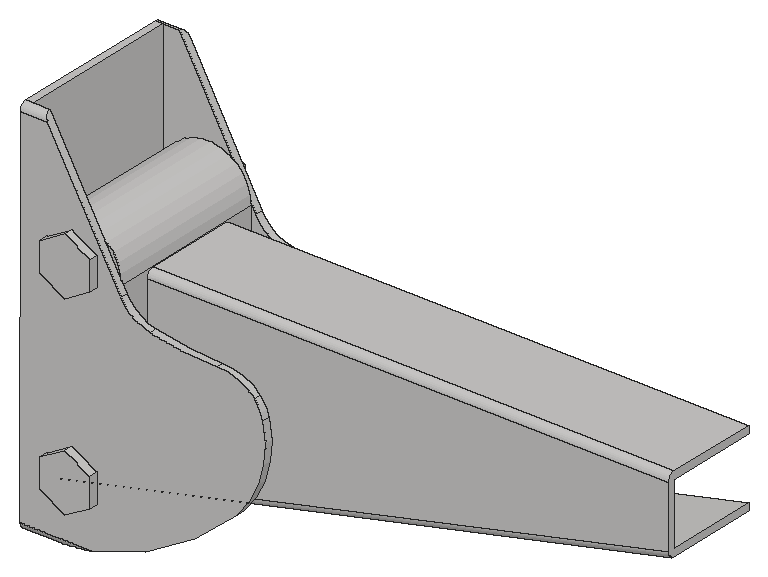
Revit family "E_Cable Tray Support_MEPcontent_OBO Bettermann_Bracket AWV FT", category Cable Tray Fittings, Revit 2015
Parameters (values of type "AWV 21 FT")
  Wholesaler Art. No. = ""
  Wholesaler = ""
  Watermarked By = "www.stabiplan.com"
  Width 1 = 210.00 mm
  Width = Width 1  # 210 mm
  URL = "www.stabiplan.com"
  built-in parameter 1140111 [instance] = 2.50 mm  # 0.0082021 (stored number, unit not read)
  Stabu Code = ""
  Revit Version = "2015"  # constant formula
  MEPcontent Class = "CABLE_TRAY_SUPPORT"  # constant formula
  Internal Art. No. = ""
  IFCExportType = "NOTDEFINED"  # constant formula
  IFCExportAs = "IfcCableCarrierFittingType"  # constant formula
  Function Code [instance] = ""
  Front Height = Height / 5 + 45.00 mm  # 71.00 mm
  Family Version = "10.14"  # constant formula
  ETIM Article Class = "EC000022"  # constant formula
  EMCS Version = "2.0"  # constant formula
  Copyright = "© Stabiplan International BV"  # constant formula
  Content Supplier URL = ""
  CB-NL Class = ""
  Article Type = if(and(Width = 210.00 mm, Height = 130.00 mm), "AWV 21 FT", if(and(Width = 310.00 mm, Height = 130.00 mm), "AWV 31 FT", if(and(Width = 410.00 mm, Height = 130.00 mm), "AWV 41 FT", if(and(Width = 510.00 mm, Height = 130.00 mm), "AWV 51 FT", if(and(Width = 610.00 mm, Height = 130.00 mm), "AWV 61 FT", "Unknown")))))  # "AWV 21 FT"
  Product Line = "OBO BETTERMANN CableTrays"  # constant formula
  Model = if(and(Width = 210.00 mm, Height = 130.00 mm), "AWV 21 FT", if(and(Width = 310.00 mm, Height = 130.00 mm), "AWV 31 FT", if(and(Width = 410.00 mm, Height = 130.00 mm), "AWV 41 FT", if(and(Width = 510.00 mm, Height = 130.00 mm), "AWV 51 FT", if(and(Width = 610.00 mm, Height = 130.00 mm), "AWV 61 FT", "Unknown")))))  # "AWV 21 FT"
  Manufacturer = "OBO BETTERMANN"  # constant formula
  Custom [instance] = if(and(Width = 210.00 mm, Height = 130.00 mm), 1 = 0, if(and(Width = 310.00 mm, Height = 130.00 mm), 1 = 0, if(and(Width = 410.00 mm, Height = 130.00 mm), 1 = 0, if(and(Width = 510.00 mm, Height = 130.00 mm), 1 = 0, if(and(Width = 610.00 mm, Height = 130.00 mm), 1 = 0, 1 = 1)))))  # no
  Height 1 = 130.00 mm
  Height = Height 1  # 130 mm
  GTIN = if(and(Width = 210.00 mm, Height = 130.00 mm), "4012196206292", if(and(Width = 310.00 mm, Height = 130.00 mm), "4012196206353", if(and(Width = 410.00 mm, Height = 130.00 mm), "4012196206414", if(and(Width = 510.00 mm, Height = 130.00 mm), "4012196206476", if(and(Width = 610.00 mm, Height = 130.00 mm), "4012196206537", "Unknown")))))  # "4012196206292"
  Description = "Wall Bracket"
  Depth = 60.00 mm  # constant formula
  Manufacturer URL = "http://catalog4.obo-bettermann.com/catalogue/catalogue.do?forward=showProductGroup&act=showIO&favOid=kts_7161&action=showManyProducts&lang=nl&OID=kts_7161&catId="
  Gray = Color RGB 189-187-185
  Manufacturer Art. No. = if(and(Width = 210.00 mm, Height = 130.00 mm), "6419534", if(and(Width = 310.00 mm, Height = 130.00 mm), "6419550", if(and(Width = 410.00 mm, Height = 130.00 mm), "6419577", if(and(Width = 510.00 mm, Height = 130.00 mm), "6419593", if(and(Width = 610.00 mm, Height = 130.00 mm), "6419615", "Unknown")))))  # "6419534"
  Article Description = "Wall Bracket"
Types (5, lengths in mm): name | Width 1 | Width | Article Type | Model | GTIN | Manufacturer Art. No.
  AWV 21 FT | 210.00 | 210 | "AWV 21 FT" | "AWV 21 FT" | "4012196206292" | "6419534"
  AWV 31 FT | 310.00 | 310 | "AWV 31 FT" | "AWV 31 FT" | "4012196206353" | "6419550"
  AWV 41 FT | 410.00 | 410 | "AWV 41 FT" | "AWV 41 FT" | "4012196206414" | "6419577"
  AWV 51 FT | 510.00 | 510 | "AWV 51 FT" | "AWV 51 FT" | "4012196206476" | "6419593"
  AWV 61 FT | 610.00 | 610 | "AWV 61 FT" | "AWV 61 FT" | "4012196206537" | "6419615"
Reference planes
  plane 1 "Center (Front/Back)": y = 0
  plane 2: z = 0
  plane 3 "Center (Left/Right)": x = 0
  plane 4: y = 30
  plane 5: y = -30
  plane 6: x = 210
  plane 7: x = 2.5
  plane 8: z = 65
  plane 9: z = -65
  plane 10: z = -55
  plane 11: z = -6
  plane 12: y = 5
  plane 13: y = 27.5
  plane 14: y = -27.5
  plane 15: y = 33
  plane 16: y = -33
  plane 17: z = 20
Forms (mm)
  Extrusion 1, solid, material "Color RGB 189-187-185" <- "Gray", detail levels medium+fine
    sketch origin (0, 0, 0) x (0, 1, 0) y (0, 0, 1)
      loop
        line (30, 65) -> (-30, 65) -> (-30, -65) -> (30, -65) -> (30, 65)
    from 0 to 2.5
  SweptBlend 2, solid, material "Color RGB 189-187-185" <- "Gray", detail levels medium+fine
    path origin (0, 0, 0) x (1, 0, 0) y (0, 0, 1)
      loop
        line (2.5, 0) -> (210, 0)
    profile origin (2.5, 0, 0) x (0, 0, 1) y (0, -1, 0)
      loop
        line (-55, -17) -> (-52.5, -17) -> (-52.5, 14.5) -> (17.5, 14.5) -> (17.5, -17) -> (20, -17) -> (20, 14.5)
        arc (20, 14.5) -> (19.268, 16.268) -> (17.5, 17) r 2.5
        line (17.5, 17) -> (-52.5, 17)
        arc (-52.5, 17) -> (-54.268, 16.268) -> (-55, 14.5) r 2.5
        line (-55, 14.5) -> (-55, -17)
    end profile origin (210, 0, 0) x (0, 0, 1) y (0, -1, 0)
      loop
        line (-6, -17) -> (-3.5, -17) -> (-3.5, 14.5) -> (17.5, 14.5) -> (17.5, -17) -> (20, -17) -> (20, 14.5)
        arc (20, 14.5) -> (19.268, 16.268) -> (17.5, 17) r 2.5
        line (17.5, 17) -> (-3.5, 17)
        arc (-3.5, 17) -> (-5.268, 16.268) -> (-6, 14.5) r 2.5
        line (-6, 14.5) -> (-6, -17)
  Extrusion 3, solid, material "Color RGB 189-187-185" <- "Gray", detail levels medium+fine
    sketch origin (0, 30, 148.963) x (0, 0, 1) y (-1, 0, 0)
      loop
        line (-83.963, -2.5) -> (-213.963, -2.5)
        arc (-213.963, -2.5) -> (-205.882, -41.432) -> (-183.049, -73.985) r 98.366
        arc (-183.049, -73.985) -> (-168.39, -82.204) -> (-151.588, -82.57) r 34.7
        arc (-151.588, -82.57) -> (-148.595, -81.457) -> (-146.001, -79.593) r 12
        arc (-146.001, -79.593) -> (-141.984, -73.82) -> (-140.615, -66.922) r 17.183
        arc (-140.615, -66.922) -> (-140.068, -55.363) -> (-138.194, -43.945) r 100.428
        arc (-138.194, -43.945) -> (-135.566, -38.235) -> (-130.829, -34.103) r 15
        line (-130.829, -34.103) -> (-83.963, -8.125) -> (-83.963, -2.5)
    from 0 to 2.5
  Extrusion 4, solid, material "Color RGB 189-187-185" <- "Gray", detail levels medium+fine
    sketch origin (0, -30, 148.963) x (0, 0, 1) y (1, 0, 0)
      loop
        line (-83.963, 2.5) -> (-83.963, 8.125) -> (-130.829, 34.103)
        arc (-130.829, 34.103) -> (-135.566, 38.235) -> (-138.194, 43.945) r 15
        arc (-138.194, 43.945) -> (-140.068, 55.363) -> (-140.615, 66.922) r 100.428
        arc (-140.615, 66.922) -> (-141.984, 73.82) -> (-146.001, 79.593) r 17.183
        arc (-146.001, 79.593) -> (-148.595, 81.457) -> (-151.588, 82.57) r 12
        arc (-151.588, 82.57) -> (-168.39, 82.204) -> (-183.049, 73.985) r 34.7
        arc (-183.049, 73.985) -> (-205.882, 41.432) -> (-213.963, 2.5) r 98.366
        line (-213.963, 2.5) -> (-83.963, 2.5)
    from 0 to 2.5
  Extrusion 5, solid, material "Color RGB 189-187-185" <- "Gray", detail levels medium+fine
    sketch origin (0, 0, 0) x (1, 0, 0) y (0, 0, 1)
      loop
        line (2.5, 19.975) -> (2.5, -57.671) -> (27.5, -57.671)
        arc (27.5, -57.671) -> (31.036, -56.206) -> (32.5, -52.671) r 5
        line (32.5, -52.671) -> (32.5, 19.975)
        arc (32.5, 19.975) -> (17.5, 34.975) -> (2.5, 19.975) r 15
    from -27.5 to 27.5
  Extrusion 6, void
    sketch origin (0, 0, 0) x (0, -1, 0) y (0, 0, 1)
      loop
        arc (27.5, 65) -> (29.268, 64.268) -> (30, 62.5) r 2.5
        arc (30, 62.5) -> (30.838, 65.838) -> (27.5, 65) r 2.005
      loop
        arc (-27.5, 65) -> (-30.838, 65.838) -> (-30, 62.5) r 2.005
        arc (-30, 62.5) -> (-29.268, 64.268) -> (-27.5, 65) r 2.5
      loop
        arc (27.5, -65) -> (30.838, -65.838) -> (30, -62.5) r 2.005
        arc (30, -62.5) -> (29.268, -64.268) -> (27.5, -65) r 2.5
      loop
        arc (-27.5, -65) -> (-29.268, -64.268) -> (-30, -62.5) r 2.5
        arc (-30, -62.5) -> (-30.838, -65.838) -> (-27.5, -65) r 2.005
    from 0 to -32.5
  Extrusion 7, solid, material "Color RGB 189-187-185" <- "Gray", detail levels medium+fine
    sketch origin (0, 30, 148.963) x (0, 0, 1) y (-1, 0, 0)
      loop
        line (-121.079, -8.997) -> (-130.897, -8.997) -> (-135.806, -17.5) -> (-130.897, -26.003) -> (-121.079, -26.003) -> (-116.17, -17.5) -> (-121.079, -8.997)
      loop
        line (-196.847, -8.997) -> (-201.756, -17.5) -> (-196.847, -26.003) -> (-187.029, -26.003) -> (-182.12, -17.5) -> (-187.029, -8.997) -> (-196.847, -8.997)
    from -3 to 63
Cuts and joins
  Extrusion 6 cuts Extrusion 1
  Extrusion 6 cuts Extrusion 3
  Extrusion 6 cuts Extrusion 4
  joined: Extrusion 1, Extrusion 3, Extrusion 4, Extrusion 7
Lines and regions (mm)
  model lines, style "Fittings", detail levels coarse
    curve 1: line (0, 0, 20) -> (210, 0, 20)
    curve 2: line (0, 0, 20) -> (0, 0, -65)
Dimensions and locks
  equal spacing: plane 4, plane 1 "Center (Front/Back)", plane 5
  "Depth": plane 4 to plane 5
  "Width": plane 6 to plane 3 "Center (Left/Right)"
  locked: plane 7 to plane 3 "Center (Left/Right)" at 2.5
  "Height": plane 8 to plane 9
  equal spacing: plane 8, level, plane 9
  locked: plane 10 to plane 9 at 10
  locked: SweptBlend 2 sketch curve to plane 10 at 2.5
  locked: SweptBlend 2 sketch curve to plane 11 at 2.5
  locked: plane 12 to plane 4 at 25
  locked: SweptBlend 2 sketch curve to SweptBlend 2 sketch curve at 2.5  (x4)
  locked: plane 8 to SweptBlend 2 sketch curve at 45  (x2)
  locked: plane 4 to SweptBlend 2 sketch curve at 13  (x4)
  locked: SweptBlend 2 sketch curve to plane 5 at 13  (x2)
  "Front Height": plane 8 to plane 11
  locked: plane 13 to plane 4 at 2.5
  locked: plane 14 to plane 5 at 2.5
  locked: plane 4 to plane 15 at 3
  locked: plane 5 to plane 16 at 3
  locked: plane 8 to plane 17 at 45
  radius of SweptBlend 2 sketch curve = 2.50 mm  (x4)
  aligned and locked: level to plane 2
  aligned and locked: plane 8 to Extrusion 1 sketch curve
  aligned and locked: Extrusion 1 sketch curve to plane 4
  aligned and locked: Extrusion 1 sketch curve to plane 9
  aligned and locked: Extrusion 1 sketch curve to plane 5
  aligned and locked: plane 7 to Extrusion 1
  aligned and locked: plane 6 to SweptBlend 2 sketch curve
  aligned and locked: plane 7 to SweptBlend 2 sketch curve
  aligned and locked: SweptBlend 2 sketch curve to plane 2
  aligned and locked: plane 10 to SweptBlend 2 sketch curve
  aligned and locked: plane 13 to Extrusion 3
  aligned and locked: Extrusion 5 to plane 13
  aligned and locked: Extrusion 5 to plane 14
  aligned and locked: plane 15 to Extrusion 7
  aligned and locked: plane 16 to Extrusion 7
  aligned and locked: curve 1 to plane 17
  aligned and locked: plane 6 to curve 1
  aligned and locked: plane 3 "Center (Left/Right)" to curve 1
  aligned and locked: plane 9 to curve 2
Automatic sketch dimensions
  Extrusion 3 sketch curve to plane 7 = 0.00 mm
  Extrusion 3 sketch curve to plane 9 = 0.00 mm
  Extrusion 3 sketch curve to plane 8 = 0.00 mm
  Extrusion 3 sketch curve to level = 10.292 mm
  Extrusion 3 sketch curve to level = 8.834 mm
  Extrusion 3 sketch curve to Extrusion 3 sketch curve = 3.558 mm
  level to Extrusion 3 sketch curve = 18.134 mm
  Extrusion 3 sketch curve to Extrusion 3 sketch curve = 7.272 mm
  Extrusion 3 sketch curve to plane 7 = 0.112 mm
  Extrusion 3 sketch curve to plane 8 = 31.634 mm
  plane 8 to Extrusion 3 sketch curve = 43.77 mm
  Extrusion 3 sketch curve to Extrusion 3 sketch curve = 5.625 mm
  plane 7 to Extrusion 3 sketch curve = 31.603 mm
  Extrusion 3 sketch curve to Extrusion 3 sketch curve = 13.119 mm
  Extrusion 3 sketch curve to Extrusion 3 sketch curve = 14.625 mm
  plane 3 "Center (Left/Right)" to Extrusion 3 sketch curve = 65.888 mm
  Extrusion 3 sketch curve to Extrusion 3 sketch curve = 18.37 mm
  Extrusion 3 sketch curve to Extrusion 3 sketch curve = 3.769 mm
  Extrusion 3 sketch curve to Extrusion 3 sketch curve = 0.00 mm  (x4)
  Extrusion 4 sketch curve to plane 7 = 0.00 mm
  Extrusion 4 sketch curve to plane 9 = 0.00 mm
  Extrusion 4 sketch curve to plane 8 = 0.00 mm
  Extrusion 4 sketch curve to level = 10.292 mm
  Extrusion 4 sketch curve to level = 8.834 mm
  Extrusion 4 sketch curve to Extrusion 4 sketch curve = 3.558 mm
  level to Extrusion 4 sketch curve = 18.134 mm
  Extrusion 4 sketch curve to Extrusion 4 sketch curve = 7.272 mm
  Extrusion 4 sketch curve to plane 7 = 0.112 mm
  Extrusion 4 sketch curve to plane 8 = 31.634 mm
  plane 8 to Extrusion 4 sketch curve = 43.77 mm
  Extrusion 4 sketch curve to Extrusion 4 sketch curve = 5.625 mm
  plane 7 to Extrusion 4 sketch curve = 31.603 mm
  Extrusion 4 sketch curve to Extrusion 4 sketch curve = 13.119 mm
  Extrusion 4 sketch curve to Extrusion 4 sketch curve = 14.625 mm
  plane 3 "Center (Left/Right)" to Extrusion 4 sketch curve = 65.888 mm
  Extrusion 4 sketch curve to Extrusion 4 sketch curve = 18.37 mm
  Extrusion 4 sketch curve to Extrusion 4 sketch curve = 3.769 mm
  Extrusion 4 sketch curve to Extrusion 4 sketch curve = 0.00 mm  (x4)
  Extrusion 6 sketch curve to plane 4 = 0.00 mm  (x2)
  Extrusion 6 sketch curve to plane 8 = 0.00 mm  (x2)
  Extrusion 6 sketch curve to plane 13 = 0.00 mm  (x2)
  Extrusion 6 sketch curve to plane 9 = 0.00 mm  (x2)
  Extrusion 6 sketch curve to plane 14 = 0.00 mm  (x2)
  Extrusion 6 sketch curve to plane 5 = 0.00 mm  (x2)
  plane 4 to Extrusion 6 sketch curve = 0.58 mm  (x2)
  plane 5 to Extrusion 6 sketch curve = 0.58 mm  (x2)
  Extrusion 5 sketch curve to plane 7 = 0.00 mm
  Extrusion 5 sketch curve to Extrusion 5 sketch curve = 15.00 mm
  plane 9 to Extrusion 5 sketch curve = 7.329 mm
  Extrusion 5 sketch curve to Extrusion 5 sketch curve = 5.00 mm
  level to Extrusion 5 sketch curve = 19.975 mm
  plane 7 to Extrusion 7 sketch curve = 15.00 mm  (x2)
  plane 9 to Extrusion 7 sketch curve = 12.207 mm
  Extrusion 7 sketch curve to Extrusion 7 sketch curve = 4.909 mm  (x6)
  Extrusion 7 sketch curve to Extrusion 7 sketch curve = 9.818 mm  (x4)
  plane 7 to Extrusion 7 sketch curve = 6.497 mm  (x2)
  level to Extrusion 7 sketch curve = 13.157 mm
  Extrusion 7 sketch curve to Extrusion 7 sketch curve = 17.005 mm
  Extrusion 7 sketch curve to Extrusion 7 sketch curve = 8.503 mm  (x3)
  SweptBlend 2 sketch curve to plane 11 = 0.00 mm
